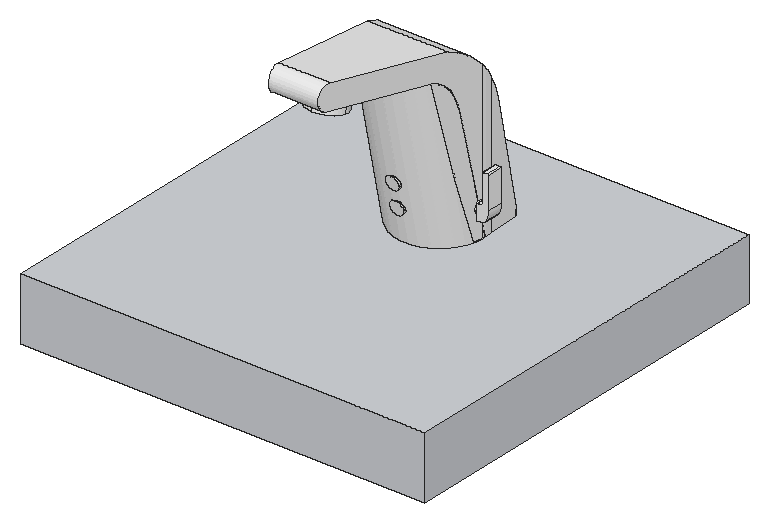
Revit family
Parameters (values of type "Chrome-Polished_Chrome-CP")
  Width = 0' - 2 5/8"
  WFU = 0
  URL = "http://www.us.kohler.com"
  Product Page URL = "http://www.us.kohler.com/onlinecatalog/detail.jsp?prod_num=13460"
  Product Documentation Link = "http://www.us.kohler.com/onlinecatalog/pdf/1102759_4.pdf"
  Model = "K-13460"  # constant formula
  Manufacturer = "Kohler"  # constant formula
  Length = 0' - 6 3/4"
  Installation = "Single-hole"  # constant formula
  Hot Water Radius = 3/16"
  Hot Water Diameter = Hot Water Radius * 2  # 3/8"
  Hot Water Connector = "Hot Water Connection"  # constant formula
  Height = 0' - 6 1/8"
  HWFU = 0
  HW Connection = yes
  Finish = Chromel-Kohler-CP-Polished_Chrome
  Description = "Sculpted Touchless lavatory faucet with temperature mixer"  # constant formula
  Default Elevation = 0' - 0"
  Created By = ""
  Cold Water Radius = 3/16"
  Cold Water Diameter = Cold Water Radius * 2  # 3/8"
  Cold Water Connector = "Cold Water Connection"  # constant formula
  CWFU = 0
  CW Connection = yes
  Assembly Code = "D2010"
  Actual Valve Water Flow = 0.5 GPM
  ADA Compliant = yes
Reference planes (in)
  plane 1 "Center (Front/Back)": y = 0
  plane 2: z = 0
  plane 3 "Center (Left/Right)": x = 0
  plane 4 "Back": y = 3.375
  plane 5 "Front": y = -3.375
  plane 6 "Left": x = -1.3125
  plane 7 "Faucet Right": x = 1.3125
  plane 8 "Top": z = 6.125
  plane 9: through (0, -2.94342, 6.1184) normal (0, -0.1812, -0.9835)
  plane 10: through (0, -3.07581, 5.39972) normal (0, -0.1812, -0.9835)
  plane 11: through (0, 2.07873, 0) normal (0, 0.9761, 0.2174)
  plane 12: through (0, 3.375, 0) normal (0, 0.9761, 0.2174)
  plane 13: z = 4.18675
  plane 14: z = 4.74242
  plane 15: x = -1.34375
  plane 16: x = 1.34375
  plane 17: y = -3.67127
  plane 18: y = 2.13994
  plane 19: through (0.73514, -3.32204, 48) normal (-0.9945, 0.1051, 0)
  plane 20: through (-0.73514, -3.32204, 48) normal (-0.9945, -0.1051, 0)
  plane 21: y = -3.32204
  plane 22: through (0, 2.07873, 0) normal (0, 0.9761, 0.2175)
  plane 23: z = 3.48198
  plane 24: y = -0.43019
  plane 25: z = 1.73559
  plane 26: z = 1.03176
  plane 27: through (0, 0.93975, 0) normal (0, 0.9761, 0.2175)
  plane 28: through (0, 0.68975, 0) normal (0, 0.9761, 0.2175)
  plane 29: through (0.38777, 5.82045, 47.78551) normal (0, -0.9833, 0.1822)
  plane 30 "Aeroator bottom": through (0, -2.69056, 4.97232) normal (0, -0.1822, -0.9833)
  plane 31: y = 2.07873
  plane 32: x = -0.3125
  plane 33: x = 0.3125
  plane 34: z = 0.27178
  plane 35: z = 5.39978
  plane 36: z = 5.2782
  plane 37: z = 4.97232
  plane 38: z = 5.17498
  plane 39: z = 4.86911
  plane 40: z = 4.76589
  plane 41: x = -0.56641
  plane 42: x = -0.38777
  plane 43: x = 0.38777
  plane 44: x = 0.56641
  plane 45: z = 4.80313
  plane 46: through (-1.11944, -180, 4.76589) normal (-0.9195, 0, 0.3931)
  plane 47: through (1.11944, -180, 4.76589) normal (-0.9195, 0, -0.3931)
  plane 48: z = 3.69251
  plane 49: z = 5.39978
  plane 50: z = 5.2782
  plane 51: z = 4.97232
  plane 52: z = 5.17498
  plane 53: z = 4.86911
  plane 54: z = 4.76589
  plane 55: x = -0.56641
  plane 56: x = -0.38777
  plane 57: x = 0.38777
  plane 58: x = 0.56641
  plane 59: z = 4.80313
  plane 60: through (-1.11944, -180, 4.76589) normal (-0.9195, 0, 0.3931)
  plane 61: through (1.11944, -180, 4.76589) normal (-0.9195, 0, -0.3931)
  plane 62: z = 3.69251
  plane 63 "Mixer Right": x = 1.75835
  plane 64: through (0, -2.69056, 5.32938) normal (0, -0.1822, -0.9833)
Forms (in)
  Extrusion 1, solid
    sketch origin (0, 0, 0) x (1, 0, 0) y (0, 1, 0)
      loop
        line (-6, 6) -> (-6, -6) -> (6, -6) -> (6, 6) -> (-6, 6)
    from 0 to -1.85692
  Extrusion 2, solid, material "Chromel-Kohler-CP-Polished_Chrome" <- "Finish", detail levels medium+fine
    sketch origin (0, 0, 0) x (0, 1, 0) y (0, 0, 1)
      loop
        arc (-2.94342, 6.1184) -> (-3.36895, 5.82525) -> (-3.07581, 5.39972) r 0.36539
        line (-3.07581, 5.39972) -> (0.22378, 4.79191)
        arc (0.22378, 4.79191) -> (0.70476, 4.58392) -> (1.0466, 4.18675) r 1.16933
        arc (1.0466, 4.18675) -> (1.19778, 3.8427) -> (1.30312, 3.48198) r 2.89513
        line (1.30312, 3.48198) -> (2.07873, 0) -> (3.375, 0) -> (2.59939, 3.48198)
        arc (2.59939, 3.48198) -> (2.33458, 4.15905) -> (1.90071, 4.74242) r 2.73449
        arc (1.90071, 4.74242) -> (1.42347, 5.13533) -> (0.87242, 5.41549) r 2.83585
        line (0.87242, 5.41549) -> (-2.94342, 6.1184)
    from -1.3125 to 1.3125
  Extrusion 3, void
    sketch origin (0, 0, 0) x (1, 0, 0) y (0, 1, 0)
      loop
        line (-1.34375, 3.375) -> (-1.34375, -3.67127) -> (1.34375, -3.67127) -> (1.34375, 3.375) -> (1.18768, 3.375)
        arc (1.18768, 3.375) -> (1.22213, 3.36072) -> (1.23783, 3.32689) r 0.05135
        line (1.23783, 3.32689) -> (1.29986, 2.34092)
        arc (1.29986, 2.34092) -> (1.3083, 2.18062) -> (1.29986, 2.02033) r 1.52489
        line (1.29986, 2.02033) -> (0.72955, -3.375) -> (-0.72955, -3.375) -> (-1.29986, 2.02033)
        arc (-1.29986, 2.02033) -> (-1.3083, 2.18062) -> (-1.29986, 2.34092) r 1.52489
        line (-1.29986, 2.34092) -> (-1.23783, 3.32689)
        arc (-1.23783, 3.32689) -> (-1.22213, 3.36072) -> (-1.18768, 3.375) r 0.05135
        line (-1.18768, 3.375) -> (-1.34375, 3.375)
    from 0 to 6.125
  Sweep 4, solid, material "Chromel-Kohler-CP-Polished_Chrome" <- "Finish", detail levels medium+fine
    path origin (0, 0, 0) x (0, 1, 0) y (0, 0, 1)
      loop
        line (2.07873, 0) -> (0.89136, 5.32907)
    profile origin (0, 1.48505, 2.66453) x (0, -0.976066, -0.217477) y (1, 0, 0)
      loop
        line (0, 1.3125) -> (0, -1.3125)
        arc (0, -1.3125) -> (1.3125, 0) -> (0, 1.3125) r 1.3125
  Extrusion 5, void
    sketch origin (0, 0, 0) x (0, 1, 0) y (0, 0, 1)
      loop
        arc (0.22378, 4.79191) -> (0.70476, 4.58392) -> (1.0466, 4.18675) r 1.16933
        arc (1.0466, 4.18675) -> (1.20271, 3.84236) -> (1.31714, 3.48198) r 3.20179
        line (1.31714, 3.48198) -> (2.59939, 3.48198)
        arc (2.59939, 3.48198) -> (2.33458, 4.15905) -> (1.90071, 4.74242) r 2.73449
        arc (1.90071, 4.74242) -> (1.42347, 5.13533) -> (0.87242, 5.41549) r 2.83585
        line (0.87242, 5.41549) -> (-0.43019, 5.65544) -> (-0.43019, 4.91237) -> (0.22378, 4.79191)
    from -1.3125 to 1.3125
  Extrusion 6, void
    sketch origin (0, 0.28242, -0.02891) x (1, 0, 0) y (0, -0.217488, 0.976063)
      loop
        circle (0, 1.73559) r 0.21875
    from -0.64788 to -0.40387
  Extrusion 7, void
    sketch origin (0, 0.28242, -0.8032) x (1, 0, 0) y (0, -0.217488, 0.976063)
      loop
        circle (0, 1.73559) r 0.21875
    from -0.81628 to -0.57227
  Extrusion 8, solid, material "Chromel-Kohler-CP-Polished_Chrome" <- "Finish", detail levels medium+fine
    sketch origin (0, 0.28242, -0.8032) x (1, 0, 0) y (0, -0.217488, 0.976063)
      loop
        circle (0, 1.73559) r 0.20442
    from -0.81628 to -0.57227
  Extrusion 9, solid, material "Chromel-Kohler-CP-Polished_Chrome" <- "Finish", detail levels medium+fine
    sketch origin (0, 0.11812, -0.06581) x (1, 0, 0) y (0, -0.217488, 0.976063)
      loop
        circle (0, 1.73559) r 0.20312
    from -0.81628 to -0.57227
  Extrusion 10, solid, material "Chromel-Kohler-CP-Polished_Chrome" <- "Finish", detail levels medium+fine
    sketch origin (-10.0876, 1.76777, -0.28082) x (1, 0, 0) y (0, 0.983255, -0.182236)
      loop
        arc (9.5212, -4.77457) -> (9.68709, -5.17508) -> (10.0876, -5.34098) r 0.56641
        arc (10.0876, -5.34098) -> (10.48811, -5.17508) -> (10.65401, -4.77457) r 0.56641
        arc (10.65401, -4.77457) -> (10.48811, -4.37406) -> (10.0876, -4.20817) r 0.56641
        arc (10.0876, -4.20817) -> (9.68709, -4.37406) -> (9.5212, -4.77457) r 0.56641
      loop
        arc (9.69983, -4.77457) -> (9.81341, -5.04877) -> (10.0876, -5.16234) r 0.38777
        arc (10.0876, -5.16234) -> (10.36179, -5.04877) -> (10.47537, -4.77457) r 0.38777
        arc (10.47537, -4.77457) -> (10.36179, -4.50038) -> (10.0876, -4.38681) r 0.38777
        arc (10.0876, -4.38681) -> (9.81341, -4.50038) -> (9.69983, -4.77457) r 0.38777
    from 4.35272 to 4.70325
  Extrusion 11, solid, not visible
    sketch origin (0, 0, 0) x (1, 0, 0) y (0, 1, 0)
      loop
        arc (-0.5, 2.07873) -> (-0.44508, 1.94615) -> (-0.3125, 1.89123) r 0.1875
        arc (-0.3125, 1.89123) -> (-0.17992, 1.94615) -> (-0.125, 2.07873) r 0.1875
        arc (-0.125, 2.07873) -> (-0.17992, 2.21131) -> (-0.3125, 2.26623) r 0.1875
        arc (-0.3125, 2.26623) -> (-0.44508, 2.21131) -> (-0.5, 2.07873) r 0.1875
      loop
        arc (0.125, 2.07873) -> (0.17992, 1.94615) -> (0.3125, 1.89123) r 0.1875
        arc (0.3125, 1.89123) -> (0.44508, 1.94615) -> (0.5, 2.07873) r 0.1875
        arc (0.5, 2.07873) -> (0.44508, 2.21131) -> (0.3125, 2.26623) r 0.1875
        arc (0.3125, 2.26623) -> (0.17992, 2.21131) -> (0.125, 2.07873) r 0.1875
    from 0.27178 to 0
Cuts and joins
  Extrusion 3 cuts Extrusion 2
  joined: Extrusion 2, Extrusion 10
  Extrusion 3, Extrusion 5, Extrusion 6, Extrusion 7 cuts Sweep 4
  joined: Sweep 4, Extrusion 8, Extrusion 9
Lines and regions (in)
  Masking region 1, detail levels coarse
    outline origin (0, 0, 0) x (1, 0, 0) y (0, 1, 0)
      loop
        line (-1.3125, 3.375) -> (-1.3125, -3.375) -> (1.3125, -3.375) -> (1.3125, 3.375) -> (-1.3125, 3.375)
  Masking region 2, detail levels medium
    outline origin (0, 0, 0) x (1, 0, 0) y (0, 1, 0)
      loop
        line (-1.2348, 3.375) -> (-1.29986, 2.34092)
        arc (-1.29986, 2.34092) -> (-1.3083, 2.18062) -> (-1.29986, 2.02033) r 1.52489
        line (-1.29986, 2.02033) -> (-0.72955, -3.375) -> (0.72955, -3.375) -> (1.29986, 2.02033)
        arc (1.29986, 2.02033) -> (1.3083, 2.18062) -> (1.29986, 2.34092) r 1.52489
        line (1.29986, 2.34092) -> (1.2348, 3.375) -> (-1.2348, 3.375)
  Masking region 3, detail levels fine
    outline origin (0, 0, 0) x (1, 0, 0) y (0, 1, 0)
      loop
        line (-1.23783, 3.32689) -> (-1.29986, 2.34092)
        arc (-1.29986, 2.34092) -> (-1.3083, 2.18062) -> (-1.29986, 2.02033) r 1.52489
        line (-1.29986, 2.02033) -> (-0.72955, -3.375) -> (0.72955, -3.375) -> (1.29986, 2.02033)
        arc (1.29986, 2.02033) -> (1.3083, 2.18062) -> (1.29986, 2.34092) r 1.52489
        line (1.29986, 2.34092) -> (1.23783, 3.32689)
        arc (1.23783, 3.32689) -> (1.22213, 3.36072) -> (1.18768, 3.375) r 0.05135
        line (1.18768, 3.375) -> (-1.18768, 3.375)
        arc (-1.18768, 3.375) -> (-1.22213, 3.36072) -> (-1.23783, 3.32689) r 0.05135
  Masking region 4, detail levels coarse
    outline origin (0, 0, 0) x (1, 0, 0) y (0, 0, 1)
      loop
        line (-1.3125, 6.125) -> (-1.3125, 0) -> (1.3125, 0) -> (1.3125, 6.125) -> (-1.3125, 6.125)
  Masking region 5, detail levels medium+fine
    outline origin (0, 0, 0) x (1, 0, 0) y (0, 0, 1)
      loop
        arc (-1.17852, 5.41549) -> (-1.27622, 4.87366) -> (-1.3125, 4.32429) r 4.89866
        line (-1.3125, 4.32429) -> (-1.3125, 0) -> (1.3125, 0) -> (1.3125, 4.32429)
        arc (1.3125, 4.32429) -> (1.27622, 4.87366) -> (1.17852, 5.41549) r 4.89866
        line (1.17852, 5.41549) -> (0.77517, 6.1184) -> (-0.77517, 6.1184) -> (-1.17852, 5.41549)
  Masking region 6, detail levels coarse
    outline origin (0, 0, 0) x (0, 1, 0) y (0, 0, 1)
      loop
        line (3.375, 6.125) -> (-3.375, 6.125) -> (-3.375, 0) -> (3.375, 0) -> (3.375, 6.125)
  Masking region 7, detail levels medium+fine
    outline origin (0, 0, 0) x (0, 1, 0) y (0, 0, 1)
      loop
        line (3.375, 0) -> (2.59939, 3.48198)
        arc (2.59939, 3.48198) -> (2.33458, 4.15905) -> (1.90071, 4.74242) r 2.73449
        arc (1.90071, 4.74242) -> (1.42347, 5.13533) -> (0.87242, 5.41549) r 2.83585
        line (0.87242, 5.41549) -> (-2.94342, 6.1184)
        arc (-2.94342, 6.1184) -> (-3.36895, 5.82525) -> (-3.07581, 5.39972) r 0.36539
        line (-3.07581, 5.39972) -> (-2.62705, 5.31705) -> (-2.69056, 4.97232) -> (-1.57671, 4.76589) -> (-1.51299, 5.11183) -> (-0.35762, 4.89901) -> (0.73398, 0) -> (3.375, 0)
  Masking region 8, detail levels fine
    outline origin (0, 0, 0) x (0, 1, 0) y (0, 0, 1)
      loop
        line (3.375, 0) -> (2.59939, 3.48198)
        arc (2.59939, 3.48198) -> (2.33458, 4.15905) -> (1.90071, 4.74242) r 2.73449
        arc (1.90071, 4.74242) -> (1.42347, 5.13533) -> (0.87242, 5.41549) r 2.83585
        line (0.87242, 5.41549) -> (-2.94342, 6.1184)
        arc (-2.94342, 6.1184) -> (-3.36895, 5.82525) -> (-3.07581, 5.39972) r 0.36539
        line (-3.07581, 5.39972) -> (0.22378, 4.79191)
        arc (0.22378, 4.79191) -> (0.70476, 4.58392) -> (1.0466, 4.18675) r 1.16933
        arc (1.0466, 4.18675) -> (1.16168, 3.94402) -> (1.256, 3.69251) r 3.20179
        line (1.256, 3.69251) -> (2.07873, 0) -> (3.375, 0)
  Masking region 9, detail levels fine
    outline origin (1.75835, 0, 0) x (0, 1, 0) y (0, 0, 1)
      loop
        line (2.12262, 2.0028) -> (1.6749, 2.0028) -> (1.6749, 0.65909) -> (2.12262, 0.65909) -> (2.12262, 2.0028)
  symbolic lines, style "Masking Lines", detail levels fine
    curve 1: spline (-0.7678, -3.375, 6.125) -> (-0.75843, -3.375, 6.11341) -> (-0.74965, -3.375, 6.08047) -> (-0.74197, -3.375, 6.02817) -> (-0.73586, -3.375, 5.95967) -> (-0.7317, -3.375, 5.87909) -> (-0.72973, -3.375, 5.79129) -> (-0.73006, -3.375, 5.70157) -> (-0.73269, -3.375, 5.61534) -> (-0.73745, -3.375, 5.5378) -> (-0.74406, -3.375, 5.47361) -> (-0.75211, -3.375, 5.42666) -> (-0.76112, -3.375, 5.39978)
    curve 2: line (-0.76117, -3.375, 5.39972) -> (-1.10351, -3.375, 4.80313)
    curve 3: spline (-1.11944, -3.375, 4.76589) -> (-1.12767, -3.375, 4.74224) -> (-1.1357, -3.375, 4.71321) -> (-1.1435, -3.375, 4.67893) -> (-1.15104, -3.375, 4.63957) -> (-1.15826, -3.375, 4.59532) -> (-1.16515, -3.375, 4.54639) -> (-1.17166, -3.375, 4.49303) -> (-1.17776, -3.375, 4.43548) -> (-1.18343, -3.375, 4.37404) -> (-1.18864, -3.375, 4.30899) -> (-1.19336, -3.375, 4.24065) -> (-1.19757, -3.375, 4.16936)
    curve 4: spline (-1.19757, -3.375, 4.16936) -> (-1.20048, -3.375, 4.11431) -> (-1.20327, -3.375, 4.05867) -> (-1.20593, -3.375, 4.00249) -> (-1.20846, -3.375, 3.94577) -> (-1.21087, -3.375, 3.88856) -> (-1.21315, -3.375, 3.83087) -> (-1.21529, -3.375, 3.77272) -> (-1.21731, -3.375, 3.71416) -> (-1.2192, -3.375, 3.6552) -> (-1.22095, -3.375, 3.59587) -> (-1.22257, -3.375, 3.53619) -> (-1.22405, -3.375, 3.4762)
    curve 5: line (-1.21906, -3.375, 3.69251) -> (-1.29986, -3.375, 0.26213)
    curve 6: spline (0.76112, -3.375, 5.39978) -> (0.75211, -3.375, 5.42666) -> (0.74406, -3.375, 5.47361) -> (0.73745, -3.375, 5.5378) -> (0.73269, -3.375, 5.61534) -> (0.73006, -3.375, 5.70157) -> (0.72973, -3.375, 5.79129) -> (0.7317, -3.375, 5.87909) -> (0.73586, -3.375, 5.95967) -> (0.74197, -3.375, 6.02817) -> (0.74965, -3.375, 6.08047) -> (0.75843, -3.375, 6.11341) -> (0.7678, -3.375, 6.125)
    curve 7: line (1.10351, -3.375, 4.80313) -> (0.76117, -3.375, 5.39972)
    curve 8: spline (1.19757, -3.375, 4.16936) -> (1.19336, -3.375, 4.24065) -> (1.18864, -3.375, 4.30899) -> (1.18343, -3.375, 4.37404) -> (1.17776, -3.375, 4.43548) -> (1.17166, -3.375, 4.49303) -> (1.16515, -3.375, 4.54639) -> (1.15826, -3.375, 4.59532) -> (1.15104, -3.375, 4.63957) -> (1.1435, -3.375, 4.67893) -> (1.1357, -3.375, 4.71321) -> (1.12767, -3.375, 4.74224) -> (1.11944, -3.375, 4.76589)
    curve 9: spline (1.22405, -3.375, 3.4762) -> (1.22257, -3.375, 3.53619) -> (1.22095, -3.375, 3.59587) -> (1.2192, -3.375, 3.6552) -> (1.21731, -3.375, 3.71416) -> (1.21529, -3.375, 3.77272) -> (1.21315, -3.375, 3.83087) -> (1.21087, -3.375, 3.88856) -> (1.20846, -3.375, 3.94577) -> (1.20593, -3.375, 4.00249) -> (1.20327, -3.375, 4.05867) -> (1.20048, -3.375, 4.11431) -> (1.19757, -3.375, 4.16936)
    curve 10: line (1.29986, -3.375, 0.26213) -> (1.21906, -3.375, 3.69251)
    curve 11: line (-0.76112, -3.375, 5.39978) -> (0.76112, -3.375, 5.39978)
    curve 12: line (-0.56641, -3.375, 5.17498) -> (-0.56641, -3.375, 4.86911)
    curve 13: line (0.56641, -3.375, 5.17498) -> (0.56641, -3.375, 4.86911)
    curve 14: spline (-0.56641, -3.375, 5.17498) -> (-0.56156, -3.375, 5.18846) -> (-0.54711, -3.375, 5.2017) -> (-0.52329, -3.375, 5.21448) -> (-0.49052, -3.375, 5.22659) -> (-0.44936, -3.375, 5.23782) -> (-0.40051, -3.375, 5.24797) -> (-0.34481, -3.375, 5.25687) -> (-0.2832, -3.375, 5.26438) -> (-0.21675, -3.375, 5.27035) -> (-0.1466, -3.375, 5.27469) -> (-0.07393, -3.375, 5.27732) -> (0, -3.375, 5.2782)
    curve 15: spline (0, -3.375, 5.2782) -> (0.07393, -3.375, 5.27732) -> (0.1466, -3.375, 5.27469) -> (0.21675, -3.375, 5.27035) -> (0.2832, -3.375, 5.26438) -> (0.34481, -3.375, 5.25687) -> (0.40051, -3.375, 5.24797) -> (0.44936, -3.375, 5.23782) -> (0.49052, -3.375, 5.22659) -> (0.52329, -3.375, 5.21448) -> (0.54711, -3.375, 5.2017) -> (0.56156, -3.375, 5.18846) -> (0.56641, -3.375, 5.17498)
    curve 16: spline (0, -3.375, 4.97232) -> (-0.07393, -3.375, 4.97144) -> (-0.1466, -3.375, 4.96881) -> (-0.21675, -3.375, 4.96447) -> (-0.2832, -3.375, 4.9585) -> (-0.34481, -3.375, 4.95099) -> (-0.40051, -3.375, 4.94209) -> (-0.44936, -3.375, 4.93194) -> (-0.49052, -3.375, 4.92072) -> (-0.52329, -3.375, 4.90861) -> (-0.54711, -3.375, 4.89582) -> (-0.56156, -3.375, 4.88258) -> (-0.56641, -3.375, 4.86911)
    curve 17: spline (0.56641, -3.375, 4.86911) -> (0.56156, -3.375, 4.88258) -> (0.54711, -3.375, 4.89582) -> (0.52329, -3.375, 4.90861) -> (0.49052, -3.375, 4.92072) -> (0.44936, -3.375, 4.93194) -> (0.40051, -3.375, 4.94209) -> (0.34481, -3.375, 4.95099) -> (0.2832, -3.375, 4.9585) -> (0.21675, -3.375, 4.96447) -> (0.1466, -3.375, 4.96881) -> (0.07393, -3.375, 4.97144) -> (0, -3.375, 4.97232)
    curve 18: spline (0, -3.375, 4.76589) -> (0.07393, -3.375, 4.76677) -> (0.1466, -3.375, 4.7694) -> (0.21675, -3.375, 4.77374) -> (0.2832, -3.375, 4.77971) -> (0.34481, -3.375, 4.78722) -> (0.40051, -3.375, 4.79612) -> (0.44936, -3.375, 4.80627) -> (0.49052, -3.375, 4.8175) -> (0.52329, -3.375, 4.82961) -> (0.54711, -3.375, 4.84239) -> (0.56156, -3.375, 4.85563) -> (0.56641, -3.375, 4.86911)
    curve 19: spline (-0.56641, -3.375, 4.86911) -> (-0.56156, -3.375, 4.85563) -> (-0.54711, -3.375, 4.84239) -> (-0.52329, -3.375, 4.82961) -> (-0.49052, -3.375, 4.8175) -> (-0.44936, -3.375, 4.80627) -> (-0.40051, -3.375, 4.79612) -> (-0.34481, -3.375, 4.78722) -> (-0.2832, -3.375, 4.77971) -> (-0.21675, -3.375, 4.77374) -> (-0.1466, -3.375, 4.7694) -> (-0.07393, -3.375, 4.76677) -> (0, -3.375, 4.76589)
    curve 20: spline (-0.38777, -3.375, 4.86911) -> (-0.38445, -3.375, 4.87833) -> (-0.37455, -3.375, 4.88739) -> (-0.35825, -3.375, 4.89615) -> (-0.33582, -3.375, 4.90444) -> (-0.30764, -3.375, 4.91212) -> (-0.27419, -3.375, 4.91907) -> (-0.23606, -3.375, 4.92517) -> (-0.19388, -3.375, 4.9303) -> (-0.14839, -3.375, 4.93439) -> (-0.10036, -3.375, 4.93736) -> (-0.05061, -3.375, 4.93917) -> (0, -3.375, 4.93977)
    curve 21: spline (0, -3.375, 4.93977) -> (0.05061, -3.375, 4.93917) -> (0.10036, -3.375, 4.93736) -> (0.14839, -3.375, 4.93439) -> (0.19388, -3.375, 4.9303) -> (0.23606, -3.375, 4.92517) -> (0.27419, -3.375, 4.91907) -> (0.30764, -3.375, 4.91212) -> (0.33582, -3.375, 4.90444) -> (0.35825, -3.375, 4.89615) -> (0.37455, -3.375, 4.88739) -> (0.38445, -3.375, 4.87833) -> (0.38777, -3.375, 4.86911)
    curve 22: spline (0.38777, -3.375, 4.86911) -> (0.38445, -3.375, 4.85988) -> (0.37455, -3.375, 4.85082) -> (0.35825, -3.375, 4.84206) -> (0.33582, -3.375, 4.83377) -> (0.30764, -3.375, 4.82609) -> (0.27419, -3.375, 4.81914) -> (0.23606, -3.375, 4.81304) -> (0.19388, -3.375, 4.80791) -> (0.14839, -3.375, 4.80382) -> (0.10036, -3.375, 4.80085) -> (0.05061, -3.375, 4.79904) -> (0, -3.375, 4.79844)
    curve 23: spline (0, -3.375, 4.79844) -> (-0.05061, -3.375, 4.79904) -> (-0.10036, -3.375, 4.80085) -> (-0.14839, -3.375, 4.80382) -> (-0.19388, -3.375, 4.80791) -> (-0.23606, -3.375, 4.81304) -> (-0.27419, -3.375, 4.81914) -> (-0.30764, -3.375, 4.82609) -> (-0.33582, -3.375, 4.83377) -> (-0.35825, -3.375, 4.84206) -> (-0.37455, -3.375, 4.85082) -> (-0.38445, -3.375, 4.85988) -> (-0.38777, -3.375, 4.86911)
    curve 24: line (1.13536, -3.375, 4.72864) -> (1.11944, -3.375, 4.76589)
    curve 25: line (-1.10351, -3.375, 4.80313) -> (-1.11944, -3.375, 4.76589)
  symbolic lines, style "Masking Lines", not visible, detail levels fine
    curve 26: spline (-0.7678, -3.375, 6.125) -> (-0.75843, -3.375, 6.11341) -> (-0.74965, -3.375, 6.08047) -> (-0.74197, -3.375, 6.02817) -> (-0.73586, -3.375, 5.95967) -> (-0.7317, -3.375, 5.87909) -> (-0.72973, -3.375, 5.79129) -> (-0.73006, -3.375, 5.70157) -> (-0.73269, -3.375, 5.61534) -> (-0.73745, -3.375, 5.5378) -> (-0.74406, -3.375, 5.47361) -> (-0.75211, -3.375, 5.42666) -> (-0.76112, -3.375, 5.39978)
    curve 27: line (-0.76117, -3.375, 5.39972) -> (-1.10351, -3.375, 4.80313)
    curve 28: spline (-1.11944, -3.375, 4.76589) -> (-1.12767, -3.375, 4.74224) -> (-1.1357, -3.375, 4.71321) -> (-1.1435, -3.375, 4.67893) -> (-1.15104, -3.375, 4.63957) -> (-1.15826, -3.375, 4.59532) -> (-1.16515, -3.375, 4.54639) -> (-1.17166, -3.375, 4.49303) -> (-1.17776, -3.375, 4.43548) -> (-1.18343, -3.375, 4.37404) -> (-1.18864, -3.375, 4.30899) -> (-1.19336, -3.375, 4.24065) -> (-1.19757, -3.375, 4.16936)
    curve 29: spline (-1.19757, -3.375, 4.16936) -> (-1.20048, -3.375, 4.11431) -> (-1.20327, -3.375, 4.05867) -> (-1.20593, -3.375, 4.00249) -> (-1.20846, -3.375, 3.94577) -> (-1.21087, -3.375, 3.88856) -> (-1.21315, -3.375, 3.83087) -> (-1.21529, -3.375, 3.77272) -> (-1.21731, -3.375, 3.71416) -> (-1.2192, -3.375, 3.6552) -> (-1.22095, -3.375, 3.59587) -> (-1.22257, -3.375, 3.53619) -> (-1.22405, -3.375, 3.4762)
    curve 30: line (-1.21906, -3.375, 3.69251) -> (-1.29986, -3.375, 0.26213)
    curve 31: spline (0.76112, -3.375, 5.39978) -> (0.75211, -3.375, 5.42666) -> (0.74406, -3.375, 5.47361) -> (0.73745, -3.375, 5.5378) -> (0.73269, -3.375, 5.61534) -> (0.73006, -3.375, 5.70157) -> (0.72973, -3.375, 5.79129) -> (0.7317, -3.375, 5.87909) -> (0.73586, -3.375, 5.95967) -> (0.74197, -3.375, 6.02817) -> (0.74965, -3.375, 6.08047) -> (0.75843, -3.375, 6.11341) -> (0.7678, -3.375, 6.125)
    curve 32: line (1.10351, -3.375, 4.80313) -> (0.76117, -3.375, 5.39972)
    curve 33: spline (1.19757, -3.375, 4.16936) -> (1.19336, -3.375, 4.24065) -> (1.18864, -3.375, 4.30899) -> (1.18343, -3.375, 4.37404) -> (1.17776, -3.375, 4.43548) -> (1.17166, -3.375, 4.49303) -> (1.16515, -3.375, 4.54639) -> (1.15826, -3.375, 4.59532) -> (1.15104, -3.375, 4.63957) -> (1.1435, -3.375, 4.67893) -> (1.1357, -3.375, 4.71321) -> (1.12767, -3.375, 4.74224) -> (1.11944, -3.375, 4.76589)
    curve 34: spline (1.22405, -3.375, 3.4762) -> (1.22257, -3.375, 3.53619) -> (1.22095, -3.375, 3.59587) -> (1.2192, -3.375, 3.6552) -> (1.21731, -3.375, 3.71416) -> (1.21529, -3.375, 3.77272) -> (1.21315, -3.375, 3.83087) -> (1.21087, -3.375, 3.88856) -> (1.20846, -3.375, 3.94577) -> (1.20593, -3.375, 4.00249) -> (1.20327, -3.375, 4.05867) -> (1.20048, -3.375, 4.11431) -> (1.19757, -3.375, 4.16936)
    curve 35: line (1.29986, -3.375, 0.26213) -> (1.21906, -3.375, 3.69251)
    curve 36: line (-0.76112, -3.375, 5.39978) -> (0.76112, -3.375, 5.39978)
    curve 37: line (-0.56641, -3.375, 5.17498) -> (-0.56641, -3.375, 4.86911)
    curve 38: line (0.56641, -3.375, 5.17498) -> (0.56641, -3.375, 4.86911)
    curve 39: spline (-0.56641, -3.375, 5.17498) -> (-0.56156, -3.375, 5.18846) -> (-0.54711, -3.375, 5.2017) -> (-0.52329, -3.375, 5.21448) -> (-0.49052, -3.375, 5.22659) -> (-0.44936, -3.375, 5.23782) -> (-0.40051, -3.375, 5.24797) -> (-0.34481, -3.375, 5.25687) -> (-0.2832, -3.375, 5.26438) -> (-0.21675, -3.375, 5.27035) -> (-0.1466, -3.375, 5.27469) -> (-0.07393, -3.375, 5.27732) -> (0, -3.375, 5.2782)
    curve 40: spline (0, -3.375, 5.2782) -> (0.07393, -3.375, 5.27732) -> (0.1466, -3.375, 5.27469) -> (0.21675, -3.375, 5.27035) -> (0.2832, -3.375, 5.26438) -> (0.34481, -3.375, 5.25687) -> (0.40051, -3.375, 5.24797) -> (0.44936, -3.375, 5.23782) -> (0.49052, -3.375, 5.22659) -> (0.52329, -3.375, 5.21448) -> (0.54711, -3.375, 5.2017) -> (0.56156, -3.375, 5.18846) -> (0.56641, -3.375, 5.17498)
    curve 41: spline (0, -3.375, 4.97232) -> (-0.07393, -3.375, 4.97144) -> (-0.1466, -3.375, 4.96881) -> (-0.21675, -3.375, 4.96447) -> (-0.2832, -3.375, 4.9585) -> (-0.34481, -3.375, 4.95099) -> (-0.40051, -3.375, 4.94209) -> (-0.44936, -3.375, 4.93194) -> (-0.49052, -3.375, 4.92072) -> (-0.52329, -3.375, 4.90861) -> (-0.54711, -3.375, 4.89582) -> (-0.56156, -3.375, 4.88258) -> (-0.56641, -3.375, 4.86911)
    curve 42: spline (0.56641, -3.375, 4.86911) -> (0.56156, -3.375, 4.88258) -> (0.54711, -3.375, 4.89582) -> (0.52329, -3.375, 4.90861) -> (0.49052, -3.375, 4.92072) -> (0.44936, -3.375, 4.93194) -> (0.40051, -3.375, 4.94209) -> (0.34481, -3.375, 4.95099) -> (0.2832, -3.375, 4.9585) -> (0.21675, -3.375, 4.96447) -> (0.1466, -3.375, 4.96881) -> (0.07393, -3.375, 4.97144) -> (0, -3.375, 4.97232)
    curve 43: spline (0, -3.375, 4.76589) -> (0.07393, -3.375, 4.76677) -> (0.1466, -3.375, 4.7694) -> (0.21675, -3.375, 4.77374) -> (0.2832, -3.375, 4.77971) -> (0.34481, -3.375, 4.78722) -> (0.40051, -3.375, 4.79612) -> (0.44936, -3.375, 4.80627) -> (0.49052, -3.375, 4.8175) -> (0.52329, -3.375, 4.82961) -> (0.54711, -3.375, 4.84239) -> (0.56156, -3.375, 4.85563) -> (0.56641, -3.375, 4.86911)
    curve 44: spline (-0.56641, -3.375, 4.86911) -> (-0.56156, -3.375, 4.85563) -> (-0.54711, -3.375, 4.84239) -> (-0.52329, -3.375, 4.82961) -> (-0.49052, -3.375, 4.8175) -> (-0.44936, -3.375, 4.80627) -> (-0.40051, -3.375, 4.79612) -> (-0.34481, -3.375, 4.78722) -> (-0.2832, -3.375, 4.77971) -> (-0.21675, -3.375, 4.77374) -> (-0.1466, -3.375, 4.7694) -> (-0.07393, -3.375, 4.76677) -> (0, -3.375, 4.76589)
    curve 45: spline (-0.38777, -3.375, 4.86911) -> (-0.38445, -3.375, 4.87833) -> (-0.37455, -3.375, 4.88739) -> (-0.35825, -3.375, 4.89615) -> (-0.33582, -3.375, 4.90444) -> (-0.30764, -3.375, 4.91212) -> (-0.27419, -3.375, 4.91907) -> (-0.23606, -3.375, 4.92517) -> (-0.19388, -3.375, 4.9303) -> (-0.14839, -3.375, 4.93439) -> (-0.10036, -3.375, 4.93736) -> (-0.05061, -3.375, 4.93917) -> (0, -3.375, 4.93977)
    curve 46: spline (0, -3.375, 4.93977) -> (0.05061, -3.375, 4.93917) -> (0.10036, -3.375, 4.93736) -> (0.14839, -3.375, 4.93439) -> (0.19388, -3.375, 4.9303) -> (0.23606, -3.375, 4.92517) -> (0.27419, -3.375, 4.91907) -> (0.30764, -3.375, 4.91212) -> (0.33582, -3.375, 4.90444) -> (0.35825, -3.375, 4.89615) -> (0.37455, -3.375, 4.88739) -> (0.38445, -3.375, 4.87833) -> (0.38777, -3.375, 4.86911)
    curve 47: spline (0.38777, -3.375, 4.86911) -> (0.38445, -3.375, 4.85988) -> (0.37455, -3.375, 4.85082) -> (0.35825, -3.375, 4.84206) -> (0.33582, -3.375, 4.83377) -> (0.30764, -3.375, 4.82609) -> (0.27419, -3.375, 4.81914) -> (0.23606, -3.375, 4.81304) -> (0.19388, -3.375, 4.80791) -> (0.14839, -3.375, 4.80382) -> (0.10036, -3.375, 4.80085) -> (0.05061, -3.375, 4.79904) -> (0, -3.375, 4.79844)
    curve 48: spline (0, -3.375, 4.79844) -> (-0.05061, -3.375, 4.79904) -> (-0.10036, -3.375, 4.80085) -> (-0.14839, -3.375, 4.80382) -> (-0.19388, -3.375, 4.80791) -> (-0.23606, -3.375, 4.81304) -> (-0.27419, -3.375, 4.81914) -> (-0.30764, -3.375, 4.82609) -> (-0.33582, -3.375, 4.83377) -> (-0.35825, -3.375, 4.84206) -> (-0.37455, -3.375, 4.85082) -> (-0.38445, -3.375, 4.85988) -> (-0.38777, -3.375, 4.86911)
    curve 49: line (1.13536, -3.375, 4.72864) -> (1.11944, -3.375, 4.76589)
    curve 50: line (-1.10351, -3.375, 4.80313) -> (-1.11944, -3.375, 4.76589)
  model lines, style "Model Line", detail levels coarse
    curve 51: line (0, 2.72686, 0) -> (0, 1.90409, 3.69251)
    curve 52: arc (0, 1.90409, 3.69251) -> (0, 1.53622, 4.45414) -> (0, 0.86772, 4.97232) r 1.84937
    curve 53: line (0, 0.86772, 4.97232) -> (0, -3.3677, 5.83171)
    curve 54: line (0, -2.13363, 4.86911) -> (0, -1.99484, 5.55315)
    curve 55: line (-0.56641, -2.07115, 4.85752) -> (0.56641, -2.07115, 4.85752)
    curve 56: line (0, -2.63364, 4.96178) -> (0, -1.52558, 4.75641)
Dimensions and locks (in)
  equal spacing: plane 6 "Left", plane 3 "Center (Left/Right)", plane 7 "Faucet Right"
  "Width": plane 6 "Left" to plane 7 "Faucet Right"
  equal spacing: plane 5 "Front", plane 1 "Center (Front/Back)", plane 4 "Back"
  "Length": plane 5 "Front" to plane 4 "Back"
  "Height": plane 8 "Top" to plane 2
  locked: plane 10 to plane 9 at 0.73077
  locked: plane 12 to plane 11 at 1.26526
  locked: plane 8 "Top" to plane 14 at 1.38258
  locked: plane 13 to plane 14 at 0.55567
  plane 19 to Extrusion 3 sketch curve = 0' - 0"
  Extrusion 3 sketch curve to plane 20 = 0' - 0.09875"
  locked: plane 4 "Back" to plane 18 at 1.23506
  locked: plane 18 to plane 21 at 5.46198
  locked: plane 21 to plane 17 at 0.34923
  locked: plane 15 to plane 16 at 2.6875
  locked: plane 23 to plane 2 at 3.48198
  locked: plane 24 to plane 5 "Front" at 2.94481
  plane 32 to plane 3 "Center (Left/Right)" to plane 33 = 0' - 0 5/16" locked, 0' - 0 5/16" locked
  locked: plane 4 "Back" to plane 31 at 1.29627
  locked: plane 30 "Aeroator bottom" to plane 64 at 0.35108
  radius of Extrusion 2 sketch curve = 0' - 2.73449"
  radius of Extrusion 2 sketch curve = 0' - 2.83585"
  radius of Extrusion 2 sketch curve = 0' - 1.16933"
  radius of Extrusion 2 sketch curve = 0' - 2.89513"
  radius of Extrusion 5 sketch curve = 0' - 3.20179"
  radius of Extrusion 6 sketch curve = 0' - 0 7/32"
  radius of Extrusion 7 sketch curve = 0' - 0 7/32"
  radius of Extrusion 8 sketch curve = 0' - 0.20442"
  radius of Extrusion 9 sketch curve = 0' - 0 13/64"
  locked: plane 8 "Top" to plane 9 (angle 10.4373°)
  locked: plane 12 to plane 4 "Back" (angle 12.5577°)
  locked: plane 19 to plane 16 (angle 6.03402°)
  locked: plane 15 to plane 20 (angle 6.03402°)
  locked: plane 22 to plane 1 "Center (Front/Back)" (angle 12.5609°)
  locked: plane 30 "Aeroator bottom" to plane 5 "Front" (angle 79.50°)
  locked: curve 24 to plane 40 (angle 66.8498°)
  locked: plane 40 to curve 25 (angle 66.8498°)
  aligned and locked: plane 2 to Extrusion 1
  aligned and locked: level to Extrusion 1
  aligned and locked: plane 2 to Extrusion 2 sketch curve
  aligned and locked: plane 9 to Extrusion 2 sketch curve
  aligned and locked: plane 10 to Extrusion 2 sketch curve
  aligned and locked: plane 11 to Extrusion 2 sketch curve
  aligned and locked: plane 12 to Extrusion 2 sketch curve
  aligned and locked: plane 13 to Extrusion 2 sketch curve
  aligned and locked: plane 14 to Extrusion 2 sketch curve
  aligned and locked: Extrusion 2 to plane 6 "Left"
  aligned and locked: plane 7 "Faucet Right" to Extrusion 2
  aligned and locked: plane 15 to Extrusion 3 sketch curve
  aligned and locked: plane 16 to Extrusion 3 sketch curve
  aligned and locked: plane 17 to Extrusion 3 sketch curve
  aligned and locked: Extrusion 3 sketch curve to plane 5 "Front"
  aligned and locked: Extrusion 3 sketch curve to plane 19
  aligned and locked: plane 8 "Top" to Extrusion 3
  aligned and locked: Extrusion 3 to plane 2
  aligned and locked: Extrusion 3 sketch curve to plane 20
  aligned and locked: Sweep 4 sketch curve to plane 22
  aligned and locked: plane 6 "Left" to Sweep 4 sketch curve
  aligned and locked: plane 7 "Faucet Right" to Sweep 4 sketch curve
  aligned and locked: Extrusion 5 sketch curve to cut or joined group of Extrusion 2, Extrusion 3, Extrusion 10  (x4)
  aligned and locked: cut or joined group of Extrusion 2, Extrusion 3, Extrusion 10 to Extrusion 5 sketch curve
  aligned and locked: plane 23 to Extrusion 5 sketch curve
  aligned and locked: plane 24 to Extrusion 5 sketch curve
  aligned and locked: Extrusion 5 to plane 6 "Left"
  aligned and locked: plane 7 "Faucet Right" to Extrusion 5
  aligned and locked: Extrusion 6 to plane 28
  aligned and locked: plane 27 to Extrusion 6
  aligned and locked: plane 27 to Extrusion 7
  aligned and locked: Extrusion 7 to plane 28
  aligned and locked: plane 27 to Extrusion 8
  aligned and locked: Extrusion 8 to plane 28
  aligned and locked: plane 27 to Extrusion 9
  aligned and locked: Extrusion 9 to plane 28
  aligned and locked: plane 3 "Center (Left/Right)" to Extrusion 10 sketch curve  (x4)
  aligned and locked: plane 29 to Extrusion 10 sketch curve  (x4)
  aligned and locked: plane 30 "Aeroator bottom" to Extrusion 10
  aligned and locked: plane 32 to Extrusion 11 sketch curve  (x2)
  aligned and locked: plane 31 to Extrusion 11 sketch curve  (x4)
  aligned and locked: plane 33 to Extrusion 11 sketch curve  (x2)
  aligned and locked: plane 2 to Extrusion 11
  aligned and locked: plane 34 to Extrusion 11
  aligned and locked: Masking region 1 sketch curve to plane 4 "Back"
  aligned and locked: Masking region 1 sketch curve to plane 7 "Faucet Right"
  aligned and locked: Masking region 1 sketch curve to plane 5 "Front"
  aligned and locked: plane 6 "Left" to Masking region 1 sketch curve
  aligned and locked: Masking region 2 sketch curve to cut or joined group of Extrusion 2, Extrusion 3, Extrusion 10  (x6)
  aligned and locked: plane 5 "Front" to Masking region 2 sketch curve
  aligned and locked: Masking region 3 sketch curve to cut or joined group of Extrusion 2, Extrusion 3, Extrusion 10  (x7)
  aligned and locked: Masking region 3 sketch curve to plane 5 "Front"
  aligned and locked: Masking region 4 sketch curve to plane 8 "Top"
  aligned and locked: Masking region 4 sketch curve to plane 7 "Faucet Right"
  aligned and locked: plane 2 to Masking region 4 sketch curve
  aligned and locked: plane 6 "Left" to Masking region 4 sketch curve
  aligned and locked: Masking region 5 sketch curve to cut or joined group of Extrusion 2, Extrusion 3, Extrusion 10  (x3)
  aligned and locked: plane 7 "Faucet Right" to Masking region 5 sketch curve
  aligned and locked: Masking region 5 sketch curve to plane 6 "Left"
  aligned and locked: plane 2 to Masking region 5 sketch curve
  aligned and locked: plane 46 to curve 25
  aligned and locked: plane 47 to curve 24
  aligned and locked: Masking region 6 sketch curve to plane 8 "Top"
  aligned and locked: Masking region 6 sketch curve to plane 5 "Front"
  aligned and locked: plane 2 to Masking region 6 sketch curve
  aligned and locked: Masking region 6 sketch curve to plane 4 "Back"
  aligned and locked: Masking region 7 sketch curve to cut or joined group of Extrusion 2, Extrusion 3, Extrusion 10  (x10)
  aligned and locked: Masking region 8 sketch curve to cut or joined group of Extrusion 2, Extrusion 3, Extrusion 10  (x6)
  aligned and locked: Masking region 8 sketch curve to cut or joined group of Extrusion 3, Sweep 4, Extrusion 5, Extrusion 6, Extrusion 7, Extrusion 8, Extrusion 9  (x3)
  aligned and locked: plane 61 to curve 49
  aligned and locked: Masking region 9 sketch curve to nested 1  (x4)
Automatic sketch dimensions
  Extrusion 1 sketch curve to Extrusion 1 sketch curve = 1' - 0"  (x2)
  Extrusion 2 sketch curve to plane 11 = 0' - 0"  (x2)
  plane 14 to Extrusion 2 sketch curve = 0' - 0"
  Extrusion 2 sketch curve to plane 4 "Back" = 0' - 0"
  Extrusion 2 sketch curve to plane 14 = 0' - 0.04949"
  Extrusion 2 sketch curve to plane 1 "Center (Front/Back)" = 0' - 0.01195"
  Extrusion 2 sketch curve to Extrusion 2 sketch curve = 0' - 0.06901"
  Extrusion 2 sketch curve to plane 8 "Top" = 0' - 0.0066"
  Extrusion 2 sketch curve to plane 5 "Front" = 0' - 0.36539"
  Extrusion 2 sketch curve to plane 5 "Front" = 0' - 0.29919"
  plane 13 to Extrusion 2 sketch curve = 0' - 0.70477"
  plane 6 "Left" to Extrusion 3 sketch curve = 0' - 0.01264"  (x2)
  Extrusion 3 sketch curve to plane 4 "Back" = 0' - 0.04811"  (x2)
  Extrusion 3 sketch curve to plane 3 "Center (Left/Right)" = 0' - 0.21659"
  plane 3 "Center (Left/Right)" to Extrusion 3 sketch curve = 0' - 0.21659"
  Extrusion 3 sketch curve to plane 7 "Faucet Right" = 0' - 0.01264"  (x2)
  Sweep 4 sketch curve to level = 0' - 0"
  Sweep 4 sketch curve to plane 8 "Top" = 0' - 0.79593"
  Sweep 4 sketch curve to profile plane = 0' - 0"
  plane 23 to Extrusion 5 sketch curve = 0' - 0.78703"
  Extrusion 5 sketch curve to plane 24 = 0' - 1.35622"
  Extrusion 5 sketch curve to plane 1 "Center (Front/Back)" = 0' - 0.22378"
  Extrusion 6 sketch curve to plane 3 "Center (Left/Right)" = 0' - 0"
  Extrusion 7 sketch curve to plane 3 "Center (Left/Right)" = 0' - 0"
  Extrusion 9 sketch curve to plane 3 "Center (Left/Right)" = 0' - 0"
  Extrusion 8 sketch curve to plane 3 "Center (Left/Right)" = 0' - 0"
  Extrusion 3 sketch curve to plane 4 "Back" = 0' - 0"
  plane 6 "Left" to Extrusion 3 sketch curve = 0' - 0.07467"
  Extrusion 3 sketch curve to Extrusion 3 sketch curve = 0' - 0.05014"
  Extrusion 3 sketch curve to plane 4 "Back" = 0' - 0.05133"
  Extrusion 3 sketch curve to plane 7 "Faucet Right" = 0' - 0.12592"
  plane 18 to Extrusion 3 sketch curve = 0' - 0.04068"  (x2)
  Extrusion 10 sketch curve to plane 3 "Center (Left/Right)" = 0' - 0.38777"
  Extrusion 10 sketch curve to Extrusion 10 sketch curve = 0' - 0.17864"
  Extrusion 11 sketch curve to Extrusion 11 sketch curve = 0' - 0 3/16"
  plane 3 "Center (Left/Right)" to Extrusion 11 sketch curve = 0' - 0 1/8"
  plane 6 "Left" to Masking region 2 sketch curve = 0' - 0.01264"
  Masking region 2 sketch curve to plane 7 "Faucet Right" = 0' - 0.01264"
  Masking region 2 sketch curve to plane 7 "Faucet Right" = 0' - 0.58295"
  plane 6 "Left" to Masking region 3 sketch curve = 0' - 0.01264"
  Masking region 3 sketch curve to plane 4 "Back" = 0' - 0.04811"  (x2)
  Masking region 3 sketch curve to plane 7 "Faucet Right" = 0' - 0.58295"
  Masking region 3 sketch curve to plane 7 "Faucet Right" = 0' - 0.01264"  (x2)
  Masking region 5 sketch curve to plane 6 "Left" = 0' - 2 35/128"
  plane 6 "Left" to Masking region 5 sketch curve = 0' - 0.13398"
  Masking region 5 sketch curve to plane 7 "Faucet Right" = 0' - 0.13398"
  Masking region 5 sketch curve to plane 8 "Top" = 0' - 1.84833"
  Masking region 5 sketch curve to Masking region 5 sketch curve = 0' - 2 35/128"
  Masking region 5 sketch curve to Masking region 5 sketch curve = 0' - 0.04763"
  Masking region 6 sketch curve to plane 8 "Top" = 0' - 0"
  curve 1 to plane 35 = 0' - 0"
  plane 35 to curve 1 = 0' - 0.00597"
  plane 41 to curve 1 = 0' - 0.20164"
  plane 41 to curve 1 = 0' - 0.2014"
  curve 1 to curve 11 = 0' - 0.00693"
  curve 11 to plane 44 = 0' - 0.19472"
  curve 6 to plane 44 = 0' - 0.2014"
  plane 35 to curve 6 = 0' - 0.00597"
  curve 11 to curve 6 = 0' - 0.00693"
  curve 1 to plane 35 = 0' - 0.35963"
  curve 6 to plane 35 = 0' - 0.35963"
  plane 45 to curve 24 = 0' - 0.07449"
  curve 24 to plane 47 = 0' - 0"
  curve 7 to plane 45 = 0' - 0"
  curve 7 to plane 47 = 0' - 0"
  curve 8 to plane 40 = 0' - 0"
  plane 47 to curve 8 = 0' - 0"
  plane 35 to curve 7 = 0' - 0.00006"
  curve 11 to curve 7 = 0' - 0.00005"
  curve 6 to curve 9 = 0' - 0.16008"
  curve 8 to plane 45 = 0' - 0.00181"
  curve 8 to curve 7 = 0' - 0.01565"
  plane 48 to curve 8 = 0' - 0.47685"
  curve 8 to curve 8 = 0' - 0.10971"
  curve 8 to curve 9 = 0' - 0.13619"
  curve 9 to curve 8 = 0' - 0.15409"
  curve 9 to curve 9 = 0' - 0.63071"
  curve 19 to plane 39 = 0' - 0"
  curve 14 to plane 38 = 0' - 0"
  plane 41 to curve 14 = 0' - 0"
  curve 15 to plane 38 = 0' - 0"
  curve 18 to plane 40 = 0' - 0"
  curve 14 to plane 36 = 0' - 0"
  curve 18 to plane 39 = 0' - 0"
  plane 44 to curve 19 = 0' - 0"
  plane 44 to curve 13 = 0' - 0"
  plane 44 to curve 14 = 0' - 0"
  curve 16 to plane 39 = 0' - 0"
  plane 41 to curve 16 = 0' - 0"
  curve 17 to plane 39 = 0' - 0"
  curve 16 to plane 37 = 0' - 0"
  plane 44 to curve 16 = 0' - 0"
  plane 44 to curve 17 = 0' - 0"
  curve 23 to plane 39 = 0' - 0"
  plane 42 to curve 23 = 0' - 0"
  curve 22 to plane 39 = 0' - 0"
  plane 43 to curve 23 = 0' - 0"
  plane 43 to curve 21 = 0' - 0"
  plane 43 to curve 20 = 0' - 0"
  plane 45 to curve 22 = 0' - 0.00469"
  plane 37 to curve 21 = 0' - 0.03255"
  curve 25 to plane 40 = 0' - 0"
  plane 46 to curve 3 = 0' - 0"
  curve 25 to plane 46 = 0' - 0"
  curve 2 to plane 45 = 0' - 0"
  curve 4 to curve 3 = 0' - 0 5/64"
  curve 4 to plane 48 = 0' - 0.2163"
  plane 41 to curve 4 = 0' - 0.65764"
  curve 3 to plane 45 = 0' - 0.00181"
  curve 25 to curve 3 = 0' - 0.01565"
  plane 41 to curve 4 = 0' - 0.36173"
  plane 35 to curve 2 = 0' - 0.00006"
  curve 2 to curve 11 = 0' - 0.00005"
  curve 4 to curve 4 = 0' - 0.63071"
  curve 3 to plane 48 = 0' - 0.06221"
  curve 5 to plane 48 = 0' - 0"
  curve 10 to plane 48 = 0' - 0"
  plane 41 to curve 5 = 0' - 0.73345"
  curve 5 to curve 3 = 0' - 0.1312"
  curve 8 to curve 10 = 0' - 0.1312"
  curve 10 to plane 44 = 0' - 0.73345"
  curve 10 to curve 9 = 0' - 2.58336"
  curve 5 to curve 10 = 0' - 0"
  curve 26 to plane 49 = 0' - 0"
  plane 49 to curve 26 = 0' - 0.00597"
  plane 55 to curve 26 = 0' - 0.20164"
  plane 55 to curve 26 = 0' - 0.2014"
  curve 26 to curve 36 = 0' - 0.00693"
  curve 36 to plane 58 = 0' - 0.19472"
  curve 31 to plane 58 = 0' - 0.2014"
  plane 49 to curve 31 = 0' - 0.00597"
  curve 36 to curve 31 = 0' - 0.00693"
  curve 26 to plane 49 = 0' - 0.35963"
  curve 31 to plane 49 = 0' - 0.35963"
  plane 59 to curve 49 = 0' - 0.07449"
  curve 49 to plane 61 = 0' - 0"
  curve 32 to plane 59 = 0' - 0"
  curve 32 to plane 61 = 0' - 0"
  curve 33 to plane 54 = 0' - 0"
  plane 61 to curve 33 = 0' - 0"
  plane 49 to curve 32 = 0' - 0.00006"
  curve 36 to curve 32 = 0' - 0.00005"
  curve 31 to curve 34 = 0' - 0.16008"
  curve 33 to plane 59 = 0' - 0.00181"
  curve 33 to curve 32 = 0' - 0.01565"
  plane 62 to curve 33 = 0' - 0.47685"
  curve 33 to curve 33 = 0' - 0.10971"
  curve 33 to curve 34 = 0' - 0.13619"
  curve 34 to curve 33 = 0' - 0.15409"
  curve 34 to curve 34 = 0' - 0.63071"
  curve 44 to plane 53 = 0' - 0"
  curve 39 to plane 52 = 0' - 0"
  plane 55 to curve 39 = 0' - 0"
  curve 40 to plane 52 = 0' - 0"
  curve 43 to plane 54 = 0' - 0"
  curve 39 to plane 50 = 0' - 0"
  curve 43 to plane 53 = 0' - 0"
  plane 58 to curve 44 = 0' - 0"
  plane 58 to curve 38 = 0' - 0"
  plane 58 to curve 39 = 0' - 0"
  curve 41 to plane 53 = 0' - 0"
  plane 55 to curve 41 = 0' - 0"
  curve 42 to plane 53 = 0' - 0"
  curve 41 to plane 51 = 0' - 0"
  plane 58 to curve 41 = 0' - 0"
  plane 58 to curve 42 = 0' - 0"
  curve 48 to plane 53 = 0' - 0"
  plane 56 to curve 48 = 0' - 0"
  curve 47 to plane 53 = 0' - 0"
  plane 57 to curve 48 = 0' - 0"
  plane 57 to curve 46 = 0' - 0"
  plane 57 to curve 45 = 0' - 0"
  plane 59 to curve 47 = 0' - 0.00469"
  plane 51 to curve 46 = 0' - 0.03255"
  curve 50 to plane 54 = 0' - 0"
  plane 60 to curve 28 = 0' - 0"
  curve 50 to plane 60 = 0' - 0"
  curve 27 to plane 59 = 0' - 0"
  curve 29 to curve 28 = 0' - 0 5/64"
  curve 29 to plane 62 = 0' - 0.2163"
  plane 55 to curve 29 = 0' - 0.65764"
  curve 28 to plane 59 = 0' - 0.00181"
  curve 50 to curve 28 = 0' - 0.01565"
  plane 55 to curve 29 = 0' - 0.36173"
  plane 49 to curve 27 = 0' - 0.00006"
  curve 27 to curve 36 = 0' - 0.00005"
  curve 29 to curve 29 = 0' - 0.63071"
  curve 28 to plane 62 = 0' - 0.06221"
  curve 30 to plane 62 = 0' - 0"
  curve 35 to plane 62 = 0' - 0"
  plane 55 to curve 30 = 0' - 0.73345"
  curve 30 to curve 28 = 0' - 0.1312"
  curve 33 to curve 35 = 0' - 0.1312"
  curve 35 to plane 58 = 0' - 0.73345"
  curve 35 to curve 34 = 0' - 2.58336"
  curve 30 to curve 35 = 0' - 0"
  plane 30 "Aeroator bottom" to curve 54 = 0' - 0"
  plane 39 to curve 54 = 0' - 0"
  plane 37 to curve 52 = 0' - 0"
  curve 51 to plane 48 = 0' - 0"
  curve 51 to level = 0' - 0"
  curve 53 to plane 5 "Front" = 0' - 0.0073"
  curve 54 to plane 35 = 0' - 0.15337"
  curve 54 to curve 54 = 0' - 0.1388"
  curve 52 to plane 1 "Center (Front/Back)" = 0' - 0.09899"
  curve 53 to curve 51 = 0' - 1.03637"
  curve 51 to plane 4 "Back" = 0' - 0.64814"
  curve 56 to plane 3 "Center (Left/Right)" = 0' - 0"
  curve 55 to plane 44 = 0' - 0"
  curve 55 to plane 41 = 0' - 0"
  curve 56 to curve 55 = 0' - 0.55486"
  curve 55 to curve 56 = 0' - 0.57207"
  plane 35 to Masking region 7 sketch curve = 0' - 0.00006"
  Masking region 7 sketch curve to plane 8 "Top" = 0' - 0.0066"
  Masking region 7 sketch curve to plane 36 = 0' - 0.03885"
  Masking region 7 sketch curve to plane 39 = 0' - 0.0299"
  Masking region 7 sketch curve to plane 1 "Center (Front/Back)" = 0' - 0.73398"
  plane 35 to Masking region 8 sketch curve = 0' - 0.00006"
  Masking region 8 sketch curve to plane 8 "Top" = 0' - 0.0066"
  plane 45 to Masking region 8 sketch curve = 0' - 0.01122"
Nested families (in)
  nested 1: "Mixer_Handle" at (1.40011, 2.12262, 0.65909), type "Mixer_Handle", detail levels medium+fine
Connectors (in)
  piping at (0.3125, 2.07873, 0), driven by "Cold Water Connector", driven by "Cold Water Radius", driven by "Actual Valve Water Flow", driven by "CW Connection", driven by "CWFU"
    settings: on Extrusion 11, index 1, connector radius 3/16", flow factor 0, pipe flow 0.5 GPM, pressure drop 0.00 psi, fitting loss kfactor 0, connector angle 0.00°, fixture units 0, flow configuration 3, flow direction 1, fitting loss method 0, system type 20, connector reference index -1, connector utility 1, adjustable connector no, is connector primary yes, fitting loss table "", connector description "Cold Water Connection"
  piping at (-0.3125, 2.07873, 0), driven by "Hot Water Connector", driven by "Hot Water Radius", driven by "Actual Valve Water Flow", driven by "HW Connection", driven by "HWFU"
    settings: on Extrusion 11, index 2, connector radius 3/16", flow factor 0, pipe flow 0.5 GPM, pressure drop 0.00 psi, fitting loss kfactor 0, connector angle 0.00°, fixture units 0, flow configuration 3, flow direction 1, fitting loss method 0, system type 19, connector reference index -1, connector utility 1, adjustable connector no, is connector primary no, fitting loss table "", connector description "Hot Water Connection"
Definition of nested family "Mixer_Handle"
  Parameters (values of type "Mixer_Handle")
    Finish = Chromel-Kohler-CP-Polished_Chrome
    Assembly Code = ""
  Reference planes (in)
    plane 1 "Back": y = 0
    plane 2 "Bottom": z = 0
    plane 3 "Center (Left/Right)": x = 0
    plane 4 "Left": x = -0.08761
    plane 5 "Right": x = 0.35823
    plane 6 "Front": y = -0.44772
    plane 7 "Top": z = 1.34371
    plane 8: z = 0.05189
    plane 9: z = 0.39676
    plane 10: z = 0.49781
    plane 11: z = 0.021
    plane 12: z = 0.42756
    plane 13: x = 0.02683
    plane 14: z = 0.44937
    plane 15: x = 0.11407
    plane 16: z = 0.07558
    plane 17: x = 0.29213
    plane 18: z = 0.36191
    plane 19: z = 1.31682
    plane 20: x = 0.2062
    plane 21: x = 0.33135
    plane 22: z = 0.49781
    plane 23: z = 0.46248
    plane 24: x = 0.10699
    plane 25: y = -0.05224
    plane 26: y = -0.3971
  Forms (in)
    Extrusion 1, solid, material "Chromel-Kohler-CP-Polished_Chrome" <- "Finish", detail levels medium+fine
      sketch origin (0, 0, 0) x (1, 0, 0) y (0, 0, 1)
        loop
          arc (0, 0.02639) -> (0.00773, 0.00773) -> (0.02639, 0) r 0.02639
          line (0.02639, 0) -> (0.11407, 0)
          arc (0.11407, 0) -> (0.21207, 0.01666) -> (0.29213, 0.07558) r 0.21523
          arc (0.29213, 0.07558) -> (0.34149, 0.21498) -> (0.35823, 0.36191) r 0.65317
          line (0.35823, 0.36191) -> (0.35823, 1.31682)
          arc (0.35823, 1.31682) -> (0.35036, 1.33583) -> (0.33135, 1.34371) r 0.02689
          line (0.33135, 1.34371) -> (0.2062, 1.34371)
          arc (0.2062, 1.34371) -> (0.18692, 1.33572) -> (0.17893, 1.31644) r 0.02727
          line (0.17893, 1.31644) -> (0.17893, 0.49781)
          arc (0.17893, 0.49781) -> (0.17534, 0.47797) -> (0.16245, 0.46248) r 0.03959
          arc (0.16245, 0.46248) -> (0.13609, 0.44976) -> (0.10699, 0.44657) r 0.08641
          arc (0.10699, 0.44657) -> (0.06689, 0.44732) -> (0.02683, 0.44937) r 1.22708
          arc (0.02683, 0.44937) -> (0.00786, 0.44151) -> (0, 0.42254) r 0.02683
          line (0, 0.42254) -> (0, 0.02639)
      from 0 to 0.44772
    Extrusion 2, solid, material "Chromel-Kohler-CP-Polished_Chrome" <- "Finish", detail levels medium+fine
      sketch origin (0, -0.22467, 0) x (0, 1, 0) y (0, 0, 1)
        loop
          circle (0, 0.22432) r 0.17243
      from -0.08761 to 0
  Cuts and joins
    joined: Extrusion 1, Extrusion 2
  Lines and regions (in)
    Masking region 1, detail levels coarse
      outline origin (0, -0.44772, 0) x (-1, 0, 0) y (0, 0, 1)
        loop
          line (0.08761, 1.34371) -> (-0.35823, 1.34371) -> (-0.35823, 0) -> (0.08761, 0) -> (0.08761, 1.34371)
    Masking region 2, detail levels medium
      outline origin (0, -0.44772, 0) x (-1, 0, 0) y (0, 0, 1)
        loop
          line (0.08761, 0.05189) -> (0.08761, 0.39676) -> (0, 0.39676) -> (0, 0.49781) -> (-0.17893, 0.49781) -> (-0.17893, 1.34371) -> (-0.35823, 1.34371) -> (-0.35823, 0) -> (0, 0) -> (0, 0.05189) -> (0.08761, 0.05189)
    Masking region 3, detail levels fine
      outline origin (0, -0.44772, 0) x (-1, 0, 0) y (0, 0, 1)
        loop
          line (0.08761, 0.05189) -> (0.08761, 0.39676) -> (0, 0.39676) -> (0, 0.42756)
          arc (0, 0.42756) -> (-0.00923, 0.44361) -> (-0.02683, 0.44937) r 0.02583
          arc (-0.02683, 0.44937) -> (-0.06689, 0.44732) -> (-0.10699, 0.44657) r 1.22708
          arc (-0.10699, 0.44657) -> (-0.13609, 0.44976) -> (-0.16245, 0.46248) r 0.08641
          arc (-0.16245, 0.46248) -> (-0.17534, 0.47797) -> (-0.17893, 0.49781) r 0.03959
          line (-0.17893, 0.49781) -> (-0.17893, 1.31644)
          arc (-0.17893, 1.31644) -> (-0.18692, 1.33572) -> (-0.2062, 1.34371) r 0.02727
          line (-0.2062, 1.34371) -> (-0.33135, 1.34371)
          arc (-0.33135, 1.34371) -> (-0.35036, 1.33583) -> (-0.35823, 1.31682) r 0.02689
          line (-0.35823, 1.31682) -> (-0.35823, 0.36191)
          arc (-0.35823, 0.36191) -> (-0.34149, 0.21498) -> (-0.29213, 0.07558) r 0.65317
          arc (-0.29213, 0.07558) -> (-0.21207, 0.01666) -> (-0.11407, 0) r 0.21523
          line (-0.11407, 0) -> (-0.02639, 0)
          arc (-0.02639, 0) -> (-0.00953, 0.00589) -> (0, 0.021) r 0.02708
          line (0, 0.021) -> (0, 0.05189) -> (0.08761, 0.05189)
    Masking region 4, detail levels coarse
      outline origin (0, 0, 0) x (1, 0, 0) y (0, 1, 0)
        loop
          line (-0.08761, 0) -> (-0.08761, -0.44772) -> (0.35823, -0.44772) -> (0.35823, 0) -> (-0.08761, 0)
    Masking region 5, detail levels medium+fine
      outline origin (0, 0, 0) x (1, 0, 0) y (0, 1, 0)
        loop
          line (-0.08761, -0.05224) -> (-0.08761, -0.3971) -> (0, -0.3971) -> (0, -0.44772) -> (0.35823, -0.44772) -> (0.35823, 0) -> (0, 0) -> (0, -0.05224) -> (-0.08761, -0.05224)
    Masking region 6, detail levels coarse
      outline origin (0.35823, 0, 0) x (0, 1, 0) y (0, 0, 1)
        loop
          line (0, 1.34371) -> (-0.44772, 1.34371) -> (-0.44772, 0) -> (0, 0) -> (0, 1.34371)
    symbolic lines, detail levels fine
      curve 1: line (0, -0.05224, 0) -> (0, -0.3971, 0)
    symbolic lines, detail levels medium+fine
      curve 2: line (-0.08761, -0.44772, 0.44657) -> (-0.08761, 0, 0.44657)
      curve 3: line (-0.08761, -0.44772, 0.07558) -> (-0.08761, 0, 0.07558)
  Dimensions and locks (in)
    locked: plane 8 to plane 2 "Bottom" at 0.05189
    locked: plane 9 to plane 8 at 0.34486
    locked: plane 10 to plane 9 at 0.10106
    locked: plane 26 to plane 6 "Front" at 0.05062
    locked: plane 26 to plane 25 at 0.34486
    locked: plane 25 to plane 1 "Back" at 0.05224
    aligned and locked: plane 2 "Bottom" to level
    aligned and locked: plane 5 "Right" to Extrusion 1
    aligned and locked: Extrusion 1 to plane 3 "Center (Left/Right)"
    aligned and locked: plane 7 "Top" to Extrusion 1
    aligned and locked: Extrusion 1 to plane 2 "Bottom"
    aligned and locked: Extrusion 1 to plane 6 "Front"
    aligned and locked: Extrusion 1 to plane 1 "Back"
    aligned and locked: Extrusion 2 to plane 4 "Left"
    aligned and locked: plane 3 "Center (Left/Right)" to Extrusion 2
    aligned and locked: Masking region 1 sketch curve to plane 7 "Top"
    aligned and locked: Masking region 1 sketch curve to plane 5 "Right"
    aligned and locked: plane 2 "Bottom" to Masking region 1 sketch curve
    aligned and locked: plane 4 "Left" to Masking region 1 sketch curve
    aligned and locked: Masking region 2 sketch curve to plane 5 "Right"
    aligned and locked: Masking region 2 sketch curve to plane 7 "Top"
    aligned and locked: plane 2 "Bottom" to Masking region 2 sketch curve
    aligned and locked: plane 3 "Center (Left/Right)" to Masking region 2 sketch curve
    aligned and locked: Masking region 2 sketch curve to plane 3 "Center (Left/Right)"
    aligned and locked: plane 4 "Left" to Masking region 2 sketch curve
    aligned and locked: plane 8 to Masking region 2 sketch curve
    aligned and locked: plane 9 to Masking region 2 sketch curve
    aligned and locked: plane 10 to Masking region 2 sketch curve
    aligned and locked: Masking region 3 sketch curve to cut or joined group of Extrusion 1, Extrusion 2  (x12)
    aligned and locked: plane 11 to Masking region 3 sketch curve
    aligned and locked: plane 12 to Masking region 3 sketch curve
    aligned and locked: plane 3 "Center (Left/Right)" to Masking region 3 sketch curve
    aligned and locked: plane 13 to Masking region 3 sketch curve
    aligned and locked: plane 14 to Masking region 3 sketch curve
    aligned and locked: plane 2 "Bottom" to Masking region 3 sketch curve  (x3)
    aligned and locked: plane 15 to Masking region 3 sketch curve
    aligned and locked: plane 16 to Masking region 3 sketch curve
    aligned and locked: plane 17 to Masking region 3 sketch curve
